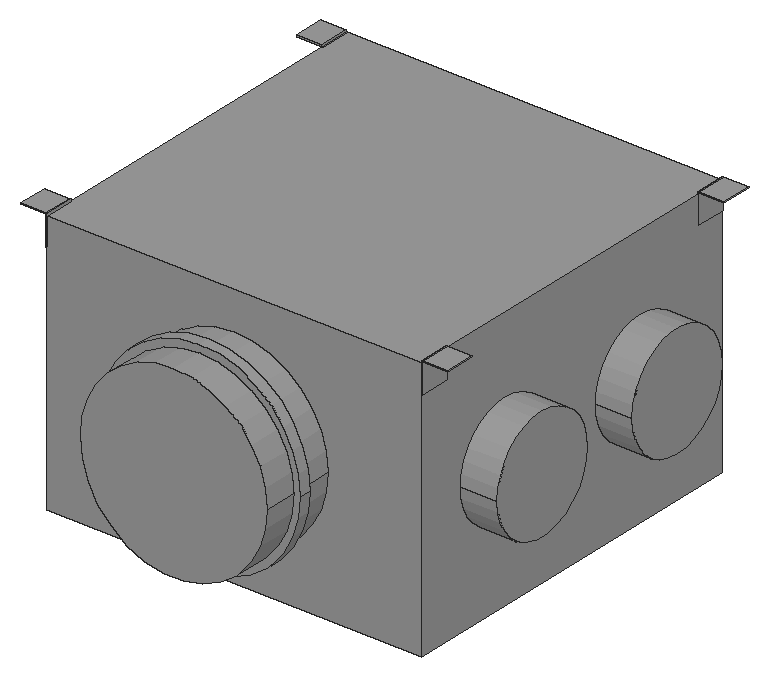
Revit family "FASU(F4-150 250Φ)", category ダクト付属品, Revit 2021
Family settings
  丸型コネクタ寸法 = 直径を使用
  パーツ タイプ = ダンパー
  OmniClass 番号 = 23.75.00.00
  OmniClass タイトル = Climate Control (HVAC)
  作業面ベース = いいえ
  常に垂直 = はい
  ロード時にボイドで切り取り = いいえ
  共有 = いいえ
Parameters
  高さ = 350 mm
  風量 = 0.0 L/s
  符号 = "FASU"
  形式 = "F4-150 250φ"
  幅 [instance] = 500 mm
  奥行き = 500 mm
  大きさ = 250 mm
  呼称 = "FASUチャンバー"
  付属品_下端レベル [instance] = 0 mm
  マテリアル [instance] = 既定値
  ダクト_イン = 250 mm
  ダクト_アウト = 150 mm
  既定の高さ = 0 mm
Reference planes
  plane 1 "中心(正面/背面)": y = 0
  plane 2: z = 0
  plane 3 "中心(左/右)": x = 0
  plane 4: x = -250
  plane 5: x = 250
  plane 6: y = -500
  plane 7: z = 350
  plane 8: z = 175
  plane 9: z = 266.963
  plane 10: z = 86.159
  plane 11: x = -125
  plane 12: x = 125
  plane 13: x = -135
  plane 14: x = 135
  plane 15: x = -251
  plane 16: z = 313.122
  plane 17: z = 352.122
  plane 18: y = -250
Forms (mm)
  Extrusion 1, solid, material "既定値" <- "マテリアル"
    sketch origin (0, 0, 0) x (1, 0, 0) y (0, 1, 0)
      loop
        line (-250, 0) -> (-250, -500) -> (250, -500) -> (250, 0) -> (-250, 0)
    from 0 to 350
  Extrusion 2, solid, material "既定値" <- "マテリアル"
    sketch origin (0, -30, 0) x (1, 0, 0) y (0, 0, 1)
      loop
        circle (0, 175) r 125
    from 470 to 512.5
  Extrusion 3, solid, material "既定値" <- "マテリアル"
    sketch origin (0, -30, 0) x (1, 0, 0) y (0, 0, 1)
      loop
        circle (0, 175) r 135
    from 512.5 to 527.5
  Extrusion 4, solid, material "既定値" <- "マテリアル"
    sketch origin (0, -117.5, 0) x (1, 0, 0) y (0, 0, 1)
      loop
        circle (0, 175) r 125
    from 440 to 482.5
  Extrusion 5, solid, material "既定値" <- "マテリアル"
    sketch origin (0, -30, 0) x (0, 1, 0) y (0, 0, 1)
      loop
        circle (-332.5, 175) r 74.985
    from -300 to -250
  Extrusion 6, solid, material "既定値" <- "マテリアル"
    sketch origin (550, -30, 0) x (0, 1, 0) y (0, 0, 1)
      loop
        circle (-332.5, 175) r 74.985
    from -300 to -250
  Extrusion 7, solid, material "既定値" <- "マテリアル"
    sketch origin (0, -30, 0) x (1, 0, 0) y (0, 1, 0)
      loop
        line (-250, 30) -> (-251, 30) -> (-251, -10) -> (-250, -10) -> (-250, 30)
    from 313.122 to 350
  Extrusion 8, solid, material "既定値" <- "マテリアル"
    sketch origin (0, -30, 0) x (1, 0, 0) y (0, 1, 0)
      loop
        line (-285, 30) -> (-285, -10) -> (-251, -10) -> (-251, 30) -> (-285, 30)
    from 352.122 to 350
  Extrusion 9, solid, material "既定値" <- "マテリアル"
    sketch origin (0, -30, 0) x (-1, 0, 0) y (0, -1, 0)
      loop
        line (-250, -30) -> (-250, 10) -> (-251, 10) -> (-251, -30) -> (-250, -30)
    from 313.122 to 353.122
  Extrusion 10, solid, material "既定値" <- "マテリアル"
    sketch origin (0, -30, 0) x (-1, 0, 0) y (0, -1, 0)
      loop
        line (-285, -30) -> (-251, -30) -> (-251, 10) -> (-285, 10) -> (-285, -30)
    from 352.122 to 353.122
  Extrusion 11, solid, material "既定値" <- "マテリアル"
    sketch origin (0, -490, 0) x (1, 0, 0) y (0, 1, 0)
      loop
        line (-285, 30) -> (-285, -10) -> (-251, -10) -> (-251, 30) -> (-285, 30)
    from 352.122 to 353.122
  Extrusion 12, solid, material "既定値" <- "マテリアル"
    sketch origin (0, -490, 0) x (1, 0, 0) y (0, 1, 0)
      loop
        line (-250, 30) -> (-251, 30) -> (-251, -10) -> (-250, -10) -> (-250, 30)
    from 313.122 to 353.122
  Extrusion 13, solid, material "既定値" <- "マテリアル"
    sketch origin (0, -490, 0) x (-1, 0, 0) y (0, -1, 0)
      loop
        line (-285, -30) -> (-251, -30) -> (-251, 10) -> (-285, 10) -> (-285, -30)
    from 352.122 to 353.122
  Extrusion 14, solid, material "既定値" <- "マテリアル"
    sketch origin (0, -490, 0) x (-1, 0, 0) y (0, -1, 0)
      loop
        line (-250, -30) -> (-250, 10) -> (-251, 10) -> (-251, -30) -> (-250, -30)
    from 313.122 to 353.122
  Extrusion 15, solid, material "既定値" <- "マテリアル"
    sketch origin (550, -470, 0) x (0, -1, 0) y (0, 0, -1)
      loop
        circle (-332.5, -175) r 74.985
    from -300 to -250
  Extrusion 16, solid, material "既定値" <- "マテリアル"
    sketch origin (-550, -470, 0) x (0, -1, 0) y (0, 0, 1)
      loop
        circle (-332.5, 175) r 74.985
    from -300 to -250
Lines and regions (mm)
  model lines
    curve 1: line (-250, -30, 0) -> (250, -30, 0)
    curve 2: line (-250, -470, 0) -> (250, -470, 0)
Text (mm)
  text "FASU(F4-150 250Φ)" at (120.822, -450.782, 0), in view "参照レベル"
Dimensions and locks
  equal spacing: plane 4, plane 3 "中心(左/右)", plane 5
  "幅": plane 4 to plane 5
  "奥行き": plane 6 to plane 1 "中心(正面/背面)"
  "高さ": plane 7 to level
  equal spacing: plane 7, plane 8, level
  equal spacing: plane 6, plane 18, plane 1 "中心(正面/背面)"
  aligned and locked: level to plane 2
  aligned and locked: Extrusion 1 sketch curve to plane 5
  aligned and locked: plane 7 to Extrusion 1
  aligned and locked: plane 4 to Extrusion 5
  aligned and locked: Extrusion 6 to plane 5
  aligned and locked: Extrusion 7 sketch curve to Extrusion 1
  aligned and locked: plane 7 to Extrusion 7
  aligned and locked: Extrusion 8 sketch curve to Extrusion 7
  aligned and locked: Extrusion 7 to Extrusion 8 sketch curve
  aligned and locked: plane 7 to Extrusion 8
  aligned and locked: Extrusion 8 to plane 17
  aligned and locked: Extrusion 9 to Extrusion 10 sketch curve
  aligned and locked: Extrusion 10 sketch curve to Extrusion 9
  aligned and locked: Extrusion 3 to Extrusion 4
  aligned and locked: Extrusion 3 to Extrusion 2
  aligned and locked: Extrusion 1 to Extrusion 13
  aligned and locked: Extrusion 11 to Extrusion 1
  aligned and locked: Extrusion 12 to Extrusion 1
  aligned and locked: Extrusion 1 to Extrusion 14
  aligned and locked: Extrusion 14 to Extrusion 13
  aligned and locked: Extrusion 12 to Extrusion 11
  aligned and locked: plane 4 to Extrusion 12
  aligned and locked: Extrusion 14 to plane 5
  aligned and locked: plane 4 to curve 1
  aligned and locked: plane 5 to curve 1
  aligned and locked: plane 5 to curve 2
  aligned and locked: plane 4 to curve 2
  aligned and locked: Extrusion 1 to Extrusion 8
  aligned and locked: Extrusion 10 to Extrusion 1
  aligned and locked: Extrusion 9 to plane 5
  aligned and locked: Extrusion 1 to plane 6
  aligned and locked: Extrusion 1 to plane 1 "中心(正面/背面)"
  aligned and locked: plane 6 to Extrusion 2
  aligned and locked: Extrusion 15 to plane 5
  aligned and locked: plane 4 to Extrusion 16
Automatic sketch dimensions
  plane 6 to curve 2 = 30 mm
  plane 1 "中心(正面/背面)" to curve 1 = 30 mm
  Extrusion 1 sketch curve to plane 4 = 0 mm
  Extrusion 1 sketch curve to plane 6 = 0 mm
  plane 1 "中心(正面/背面)" to Extrusion 1 sketch curve = 0 mm
  Extrusion 2 sketch curve to plane 3 "中心(左/右)" = 0 mm
  Extrusion 2 sketch curve to plane 8 = 0 mm
  Extrusion 3 sketch curve to plane 3 "中心(左/右)" = 0 mm
  Extrusion 3 sketch curve to plane 8 = 0 mm
  Extrusion 4 sketch curve to plane 3 "中心(左/右)" = 0 mm
  Extrusion 4 sketch curve to plane 8 = 0 mm
  Extrusion 5 sketch curve to plane 8 = 0 mm
  Extrusion 6 sketch curve to plane 8 = 0 mm
  plane 1 "中心(正面/背面)" to Extrusion 7 sketch curve = 0 mm
  Extrusion 7 sketch curve to plane 15 = 0 mm
  Extrusion 7 sketch curve to Extrusion 7 sketch curve = 40 mm
  plane 1 "中心(正面/背面)" to Extrusion 8 sketch curve = 0 mm
  Extrusion 8 sketch curve to Extrusion 8 sketch curve = 34 mm
  plane 1 "中心(正面/背面)" to Extrusion 9 sketch curve = 0 mm
  Extrusion 9 sketch curve to plane 5 = 0 mm
  Extrusion 9 sketch curve to Extrusion 9 sketch curve = 1 mm
  Extrusion 9 sketch curve to Extrusion 9 sketch curve = 40 mm
  plane 1 "中心(正面/背面)" to Extrusion 10 sketch curve = 0 mm
  Extrusion 10 sketch curve to Extrusion 10 sketch curve = 34 mm
  Extrusion 11 sketch curve to plane 6 = 0 mm
  Extrusion 11 sketch curve to plane 15 = 0 mm
  Extrusion 11 sketch curve to Extrusion 11 sketch curve = 34 mm
  Extrusion 12 sketch curve to plane 15 = 0 mm
  Extrusion 12 sketch curve to plane 4 = 0 mm
  Extrusion 12 sketch curve to plane 6 = 0 mm
  Extrusion 13 sketch curve to plane 6 = 0 mm
  Extrusion 13 sketch curve to plane 5 = 35 mm
  Extrusion 13 sketch curve to plane 5 = 1 mm
  Extrusion 14 sketch curve to plane 6 = 0 mm
  Extrusion 14 sketch curve to plane 5 = 0 mm
  Extrusion 14 sketch curve to Extrusion 14 sketch curve = 1 mm
  Extrusion 15 sketch curve to plane 8 = 0 mm
  plane 18 to Extrusion 15 sketch curve = 112.5 mm
  Extrusion 16 sketch curve to plane 8 = 0 mm
  plane 18 to Extrusion 16 sketch curve = 112.5 mm
  Extrusion 5 sketch curve to plane 18 = 112.5 mm
  Extrusion 6 sketch curve to plane 18 = 112.5 mm
  plane 6 to Extrusion 11 sketch curve = 40 mm
  plane 6 to Extrusion 12 sketch curve = 40 mm
  Extrusion 13 sketch curve to plane 6 = 40 mm
  Extrusion 14 sketch curve to plane 6 = 40 mm
  radius of Extrusion 2 sketch curve = 125 mm
  radius of Extrusion 3 sketch curve = 135 mm
  radius of Extrusion 4 sketch curve = 125 mm
  radius of Extrusion 5 sketch curve = 74.985 mm
  radius of Extrusion 6 sketch curve = 74.985 mm
  radius of Extrusion 15 sketch curve = 74.985 mm
  radius of Extrusion 16 sketch curve = 74.985 mm
Connectors
  hvac at (-300, -362.5, 175), driven by "ダクト_アウト"
    settings: on Extrusion 5, index 1, duct flow 0.0 L/s, flow factor 0, pres drop 0.0 Pa, loss coef 0, conn angle 0.00°, conn width 304.8 mm, conn height 304.8 mm, conn diameter 150 mm, duct sys type 29, conn prof type 0, flow config 0, flow direction 2, loss method 0, conn ref index -1, conn util no, is conn primary yes, conn desc ""
  hvac at (-300, -137.5, 175), driven by "ダクト_アウト"
    settings: on Extrusion 16, index 2, duct flow 0.0 L/s, flow factor 0, pres drop 0.0 Pa, loss coef 0, conn angle 0.00°, conn width 304.8 mm, conn height 304.8 mm, conn diameter 150 mm, duct sys type 29, conn prof type 0, flow config 0, flow direction 2, loss method 0, conn ref index -1, conn util no, is conn primary no, conn desc ""
  hvac at (300, -362.5, 175), driven by "ダクト_アウト"
    settings: on Extrusion 6, index 3, duct flow 0.0 L/s, flow factor 0, pres drop 0.0 Pa, loss coef 0, conn angle 0.00°, conn width 304.8 mm, conn height 304.8 mm, conn diameter 150 mm, duct sys type 29, conn prof type 0, flow config 0, flow direction 2, loss method 0, conn ref index -1, conn util no, is conn primary no, conn desc ""
  hvac at (300, -137.5, 175), driven by "ダクト_アウト"
    settings: on Extrusion 15, index 4, duct flow 0.0 L/s, flow factor 0, pres drop 0.0 Pa, loss coef 0, conn angle 0.00°, conn width 304.8 mm, conn height 304.8 mm, conn diameter 150 mm, duct sys type 29, conn prof type 0, flow config 0, flow direction 2, loss method 0, conn ref index -1, conn util no, is conn primary no, conn desc ""
  hvac at (0, -600, 175), driven by "ダクト_イン"
    settings: on Extrusion 4, index 5, duct flow 0.0 L/s, flow factor 0, pres drop 0.0 Pa, loss coef 0, conn angle 0.00°, conn width 304.8 mm, conn height 304.8 mm, conn diameter 250 mm, duct sys type 1, conn prof type 0, flow config 0, flow direction 1, loss method 0, conn ref index -1, conn util no, is conn primary no, conn desc ""
